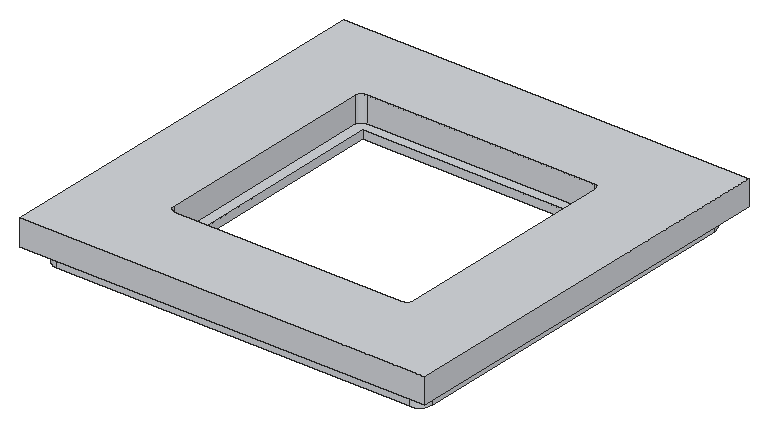
Revit family "Gira_0211219", category Electrical Fixtures, host Face, Revit 2017
Family settings
  Host = Face
  Maintain Annotation Orientation = No
  Round Connector Dimension = Use Diameter
  Part Type = Normal
  Cut with Voids When Loaded = No
  Shared = No
  Room Calculation Point = No
Parameters (values of type "Abdeckrahmen 1f Gira Esprit Edelstahl")
  Werkstoffgüte = "edelstahl"
  Werkstoff = "Metall"
  URL = "http://katalog.gira.de/de_DE/datenblatt.html?artikelnr=0211219"
  Transparent = "No"
  Textfeld/Beschriftungsfläche = "No"
  Schutzart (IP) = "IP20"
  Region = "DE"
  Oberfläche = "sonstige"
  Name = "Abdeckrahmen 1f Gira Esprit Edelstahl"
  Montagerichtung = "horizontal und vertikal"
  Mit Montagerahmen = "No"
  Mit Klappdeckel = "No"
  Manufacturer URL = "https://www.gira.de/"
  Keynote = "Espr._Rahmen_1fach"
  HeinzeBIM = "https://bimportal.heinze.de/bim/abdeckrahmen-1f-gira-esprit-edelstahl/c2109b36140491cefa570c581867c5bafb54a8ec"
  Halogenfrei = "No"
  HAN = "0211219"
  Geeignet für Unterputz-Installation = "Yes"
  Geeignet für Unterflurkanaldose = "No"
  Geeignet für Geräteeinbaukanal = "No"
  Geeignet für Einbauinstallation = "No"
  GTIN = "4010337015765"
  Farbe = "edelstahl"
  Default Elevation = 1219.2 mm
  Data sheet (1) = "https://katalog.gira.de/de_DE/download.html?artikelnr=0211219"
  Category = "Abdeckrahmen"
  Befestigungsart = "Klemmbefestigung"
  Available = "Yes"
  Anzahl der Einheiten vertikal = "1 "
  Anzahl der Einheiten horizontal = "1 "
  Anzahl der Einheiten = "1 "
Reference planes
  plane 1 "Center (Front/Back)": y = 0
  plane 2: z = 0
  plane 3 "Center (Left/Right)": x = 0
Forms (mm)
  Extrusion 1, solid, detail levels fine
    sketch origin (0, 0, 0) x (1, 0, 0) y (0, 1, 0)
      loop
        line (-47.5, 47.5) -> (-47.5, -47.5) -> (47.5, -47.5) -> (47.5, 47.5) -> (-47.5, 47.5)
      loop
        arc (-28.2, -26.7) -> (-27.761, -27.761) -> (-26.7, -28.2) r 1.5
        line (-26.7, -28.2) -> (26.7, -28.2)
        arc (26.7, -28.2) -> (27.761, -27.761) -> (28.2, -26.7) r 1.5
        line (28.2, -26.7) -> (28.2, 26.7)
        arc (28.2, 26.7) -> (27.761, 27.761) -> (26.7, 28.2) r 1.5
        line (26.7, 28.2) -> (-26.7, 28.2)
        arc (-26.7, 28.2) -> (-27.761, 27.761) -> (-28.2, 26.7) r 1.5
        line (-28.2, 26.7) -> (-28.2, -26.7)
    from 0 to 6
  Extrusion 2, solid, detail levels fine
    sketch origin (0, 0, 0) x (1, 0, 0) y (0, 1, 0)
      loop
        line (-25.7, -25.7) -> (25.7, -25.7) -> (25.7, 25.7) -> (-25.7, 25.7) -> (-25.7, -25.7)
      loop
        arc (-43.1, -41.3) -> (-42.573, -42.573) -> (-41.3, -43.1) r 1.8
        line (-41.3, -43.1) -> (41.3, -43.1)
        arc (41.3, -43.1) -> (42.573, -42.573) -> (43.1, -41.3) r 1.8
        line (43.1, -41.3) -> (43.1, 41.3)
        arc (43.1, 41.3) -> (42.573, 42.573) -> (41.3, 43.1) r 1.8
        line (41.3, 43.1) -> (-41.3, 43.1)
        arc (-41.3, 43.1) -> (-42.573, 42.573) -> (-43.1, 41.3) r 1.8
        line (-43.1, 41.3) -> (-43.1, -41.3)
    from -1.9 to 0
  Extrusion 3, solid, detail levels fine
    sketch origin (0, 0, 0) x (1, 0, 0) y (0, 1, 0)
      loop
        arc (-41.4, 44.4) -> (-43.521, 43.521) -> (-44.4, 41.4) r 3
        line (-44.4, 41.4) -> (-44.4, -41.4)
        arc (-44.4, -41.4) -> (-43.521, -43.521) -> (-41.4, -44.4) r 3
        line (-41.4, -44.4) -> (41.4, -44.4)
        arc (41.4, -44.4) -> (43.521, -43.521) -> (44.4, -41.4) r 3
        line (44.4, -41.4) -> (44.4, 41.4)
        arc (44.4, 41.4) -> (43.521, 43.521) -> (41.4, 44.4) r 3
        line (41.4, 44.4) -> (-41.4, 44.4)
      loop
        line (-43.1, 41.3) -> (-43.1, -41.3)
        arc (-43.1, -41.3) -> (-42.573, -42.573) -> (-41.3, -43.1) r 1.8
        line (-41.3, -43.1) -> (41.3, -43.1)
        arc (41.3, -43.1) -> (42.573, -42.573) -> (43.1, -41.3) r 1.8
        line (43.1, -41.3) -> (43.1, 41.3)
        arc (43.1, 41.3) -> (42.573, 42.573) -> (41.3, 43.1) r 1.8
        line (41.3, 43.1) -> (-41.3, 43.1)
        arc (-41.3, 43.1) -> (-42.573, 42.573) -> (-43.1, 41.3) r 1.8
    from -3.7 to 0
  Extrusion 4, solid, detail levels medium
    sketch origin (0, 0, 0) x (1, 0, 0) y (0, 1, 0)
      loop
        line (-47.5, 47.5) -> (-47.5, -47.5) -> (47.5, -47.5) -> (47.5, 47.5) -> (-47.5, 47.5)
    from 0 to 6
  Extrusion 5, solid, detail levels medium
    sketch origin (0, 0, 0) x (1, 0, 0) y (0, 1, 0)
      loop
        line (-44.4, 44.4) -> (-44.4, -44.4) -> (44.4, -44.4) -> (44.4, 44.4) -> (-44.4, 44.4)
    from -3.7 to 0
  Extrusion 6, solid, detail levels coarse
    sketch origin (0, 0, 0) x (1, 0, 0) y (0, 1, 0)
      loop
        line (-47.5, 47.5) -> (-47.5, -47.5) -> (47.5, -47.5) -> (47.5, 47.5) -> (-47.5, 47.5)
    from -3.7 to 6
Dimensions and locks
  aligned and locked: plane 2 to host face
  aligned and locked: level to host face
